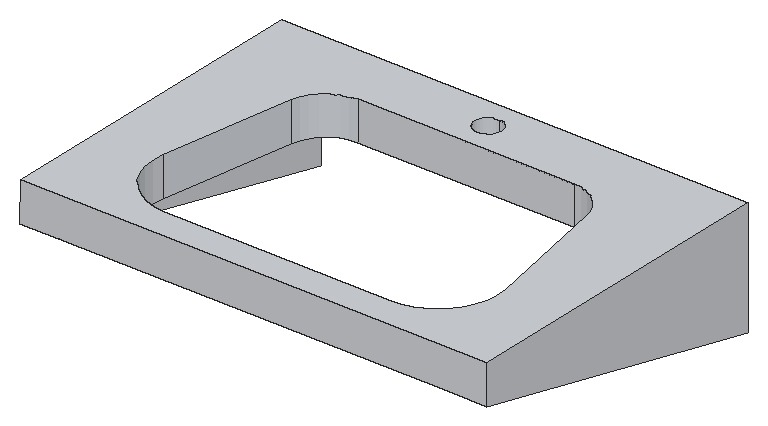
Revit family "rba-bim-rba8864-100", category Plumbing Fixtures, Revit 2018
Family settings
  Round Connector Dimension = Use Diameter
  Part Type = Normal
  Work Plane-Based = No
  Always vertical = No
  Cut with Voids When Loaded = No
  Shared = No
  Room Calculation Point = No
Parameters (values of type "RBA8864-100")
  URL = "www.rba.com.au"
  Phone Number = ""
  Modified Issue = "20200529.01"
  Model = "RBA8864-100"
  Materials and Finishes = Stainless Steel Satin Finish
  Manufacturer = "RBA Group"
  Description = "Wall Mounted Basin"
  Copyright by = "RBA Group"
Reference planes
  plane 1 "Center (Front/Back)": y = 0
  plane 2: z = 0
  plane 3 "Center (Left/Right)": x = 0
  plane 4: z = -150
  plane 5: z = -50
  plane 6: y = -40
Forms (mm)
  Extrusion 1, void
    sketch origin (-2.5, 247.482, -245) x (0, 1, 0) y (-1, 0, 0)
      loop
        circle (-287.482, 0) r 17.5
    from 145.565 to 255.173
  Extrusion 2, void
    sketch origin (0, -85.351, -332.113) x (0, 0, -1) y (-1, 0, 0)
      loop
        circle (-272.113, 277.5) r 4
      loop
        circle (-207.113, 277.5) r 4
      loop
        circle (-272.113, -282.5) r 4
      loop
        circle (-207.113, -282.5) r 4
    from 68.045 to 110.351
  Extrusion 3, solid
    sketch origin (167.817, 295, 208.63) x (0, 1, 0) y (0, 0, 1)
      loop
        line (-295, -258.63) -> (-715, -258.63) -> (-295, -358.63) -> (-295, -258.63)
    from 82.183 to 132.183
  Extrusion 4, solid
    sketch origin (-382.183, 295, 208.63) x (0, 1, 0) y (0, 0, 1)
      loop
        line (-295, -258.63) -> (-715, -258.63) -> (-295, -358.63) -> (-295, -258.63)
    from 82.183 to 132.183
  Extrusion 5, solid
    sketch origin (-2.5, 140, -245) x (0, 1, 0) y (-1, 0, 0)
      loop
        line (-140, 297.5) -> (-560, 297.5) -> (-560, -302.5) -> (-140, -302.5) -> (-140, 297.5)
      loop
        line (-261.948, 187.768) -> (-430.373, 217.459)
        arc (-430.373, 217.459) -> (-493.616, 200.493) -> (-521.283, 141.146) r 77.486
        line (-521.283, 141.146) -> (-521.283, -146.179)
        arc (-521.283, -146.179) -> (-493.609, -205.525) -> (-430.359, -222.473) r 77.471
        line (-430.359, -222.473) -> (-262.467, -192.869)
        arc (-262.467, -192.869) -> (-231.085, -174.75) -> (-218.691, -140.698) r 52.976
        line (-218.691, -140.698) -> (-218.691, 136.466)
        arc (-218.691, 136.466) -> (-230.983, 169.989) -> (-261.948, 187.768) r 52.198
    from 195 to 245
Cuts and joins
  Extrusion 2 cuts Extrusion 3
  Extrusion 2 cuts Extrusion 4
  Extrusion 1 cuts Extrusion 5
  joined: Extrusion 3, Extrusion 4, Extrusion 5
Dimensions and locks
  Extrusion 3 to Extrusion 3 = 50.000 mm
  cut or joined group of Extrusion 1, Extrusion 2, Extrusion 3, Extrusion 4, Extrusion 5 to cut or joined group of Extrusion 1, Extrusion 2, Extrusion 3, Extrusion 4, Extrusion 5 = 600.000 mm
  equal spacing: cut or joined group of Extrusion 1, Extrusion 2, Extrusion 3, Extrusion 4, Extrusion 5, plane 3 "Center (Left/Right)", cut or joined group of Extrusion 1, Extrusion 2, Extrusion 3, Extrusion 4, Extrusion 5
  cut or joined group of Extrusion 1, Extrusion 2, Extrusion 3, Extrusion 4, Extrusion 5 to cut or joined group of Extrusion 1, Extrusion 2, Extrusion 3, Extrusion 4, Extrusion 5 = 420.000 mm
  cut or joined group of Extrusion 1, Extrusion 2, Extrusion 3, Extrusion 4, Extrusion 5 to cut or joined group of Extrusion 1, Extrusion 2, Extrusion 3, Extrusion 4, Extrusion 5 = 50.000 mm  (x2)
  level to plane 4 = 150.000 mm
  level to plane 5 = 50.000 mm
  plane 4 to level = 150.000 mm
  plane 6 to plane 1 "Center (Front/Back)" = 40.000 mm
  Extrusion 2 sketch curve to Extrusion 2 sketch curve = 560.000 mm
  Extrusion 2 sketch curve to Extrusion 2 sketch curve = 65.000 mm
  radius of Extrusion 1 sketch curve = 17.500 mm
  aligned and locked: plane 5 to Extrusion 4
  aligned and locked: plane 5 to Extrusion 3
Automatic sketch dimensions
  Extrusion 1 sketch curve to plane 3 "Center (Left/Right)" = 2.500 mm
  plane 1 "Center (Front/Back)" to Extrusion 1 sketch curve = 40.000 mm
  Extrusion 2 sketch curve to plane 5 = 10.000 mm  (x2)
  Extrusion 2 sketch curve to plane 4 = 25.000 mm
  Extrusion 2 sketch curve to Extrusion 2 sketch curve = 0.000 mm  (x2)
  plane 1 "Center (Front/Back)" to Extrusion 5 sketch curve = 0.000 mm
  plane 1 "Center (Front/Back)" to Extrusion 5 sketch curve = 78.691 mm
  Extrusion 5 sketch curve to Extrusion 5 sketch curve = 43.776 mm
  Extrusion 5 sketch curve to Extrusion 5 sketch curve = 52.198 mm
  Extrusion 5 sketch curve to Extrusion 5 sketch curve = 159.484 mm
  Extrusion 5 sketch curve to Extrusion 5 sketch curve = 13.424 mm
  Extrusion 5 sketch curve to Extrusion 5 sketch curve = 13.453 mm
  Extrusion 5 sketch curve to Extrusion 5 sketch curve = 129.641 mm
  Extrusion 5 sketch curve to Extrusion 5 sketch curve = 8.941 mm
  Extrusion 5 sketch curve to Extrusion 5 sketch curve = 38.717 mm
  Extrusion 5 sketch curve to Extrusion 5 sketch curve = 9.199 mm
  Extrusion 5 sketch curve to Extrusion 5 sketch curve = 80.027 mm
  Extrusion 5 sketch curve to Extrusion 5 sketch curve = 172.146 mm
  Extrusion 5 sketch curve to Extrusion 5 sketch curve = 109.732 mm
  plane 3 "Center (Left/Right)" to Extrusion 5 sketch curve = 138.198 mm
  plane 3 "Center (Left/Right)" to Extrusion 5 sketch curve = 143.679 mm
  Extrusion 2 sketch curve to plane 3 "Center (Left/Right)" = 277.500 mm
  Extrusion 5 sketch curve to plane 3 "Center (Left/Right)" = 138.842 mm
  Extrusion 5 sketch curve to Extrusion 5 sketch curve = 0.125 mm
  Extrusion 5 sketch curve to plane 3 "Center (Left/Right)" = 143.646 mm
  Extrusion 4 sketch curve to plane 5 = 0.000 mm
  Extrusion 4 sketch curve to plane 1 "Center (Front/Back)" = 0.000 mm
  plane 4 to Extrusion 4 sketch curve = 0.000 mm
  plane 1 "Center (Front/Back)" to Extrusion 4 sketch curve = 420.000 mm
  Extrusion 3 sketch curve to plane 5 = 0.000 mm
  Extrusion 3 sketch curve to plane 1 "Center (Front/Back)" = 0.000 mm
  plane 4 to Extrusion 3 sketch curve = 0.000 mm
  plane 1 "Center (Front/Back)" to Extrusion 3 sketch curve = 420.000 mm
  radius of Extrusion 2 sketch curve = 4.000 mm  (x4)
